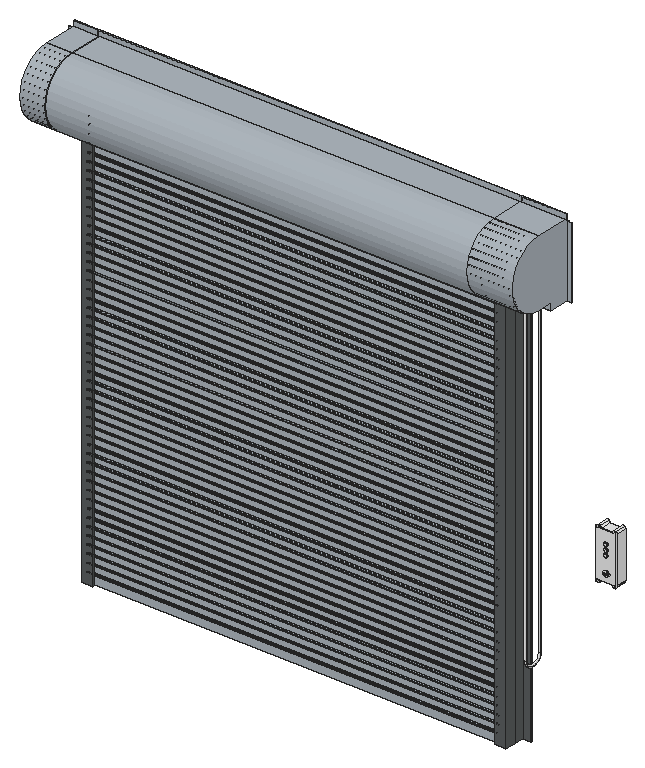
Revit family "Doors_Industrial_Wayne-Dalton_High-Cycle-Rolling-Service-Doors-Model-800C-HC_", category Specialty Equipment, host Wall, Revit 2019
Family settings
  Host = Wall
  Round Connector Dimension = Use Diameter
  Part Type = Normal
  OmniClass Number = 23.30.10.21.34
  OmniClass Title = Industrial Doors
  Always vertical = Yes
  Cut with Voids When Loaded = Yes
  Shared = No
  Room Calculation Point = No
Parameters (values of type "208 volts, one phase, 60 Hz (208-240V range)")
  X Motor [instance] = if(or(Opening Height < 72", Opening Height = 72"), 18 1/2", if(or(Opening Height < 108", Opening Height = 108"), 20", 22"))  # 22"
  X ChainH [instance] = if(or(Opening Height < 72", Opening Height = 72"), 18 1/2", if(or(Opening Height < 108", Opening Height = 108"), 20", 22"))  # 22"
  Warning Sign [instance] = if(Calculated Area > 683.00 SF, 1 = 1, 1 = 2)  # no
  Warning (Note) [instance] = if(Warning Sign, "The Door Area is out of the limit; please adjust accordingly. The maximum allowed area is 683 sq. ft.", if(Opening Height > 168", "Headroom Clearance Dimensions - out of the limits. Consult Factory", " "))  # " "
  Wall Thickness [instance] = 6"
  Voltage = 208 V
  True Opening Width [instance] = Clear Width  # 120"
  True Opening Height [instance] = Clear Height  # 120"
  Slat Type [instance] = "№34"  # constant formula
  Slat Option [instance] = 2  # constant formula
  Slat Length [instance] = Clear Width + G Value * 2 - 1" / 2 * 2  # 126"
  Slat Height [instance] = if(Slat < 2, 13 205/256", 12 1/4")  # 12 1/4"
  Slat [instance] = if(Slat Option < 2, 1, if(Slat Option = 2, 2, if(Slat Option = 3, 3, 4)))  # 2
  Side Room Right [instance] = 18"  # constant formula
  Side Room Left [instance] = 12"  # constant formula
  Product Page URL = "https://www.wayne-dalton.com/rolling-service-door-800-800c-hc"
  Power Factor = 1
  Powder Coat (Note) = "Wayne Dalton also offers approximately 200 RAL powder coat options to complement the exterior colors of a building."  # constant formula
  Operator Visibility = yes
  Opening Width Real [instance] = if(Opening Width > Max Opening Width, Max Opening Width, if(Opening Width < Min Opening Width, Min Opening Width, Opening Width))  # 120"
  Opening Width [instance] = 120"
  Opening Height Real [instance] = if(Opening Height > Max Opening Height, Max Opening Height, if(Opening Height < Min Opening Height, Min Opening Height, Opening Height))  # 120"
  Opening Height [instance] = 120"
  One Array element [instance] = not(Array Vis)  # no
  Number of Poles = 1
  Min Opening Width [instance] = 18"  # constant formula
  Min Opening Height [instance] = 24"  # constant formula
  Max Opening Width [instance] = 240"  # constant formula
  Max Opening Height [instance] = 240"  # constant formula
  Material Finish [instance] = 800C HC : Standard - Gray
  M Value [instance] = if(or(Opening Width < 108", Opening Width = 108"), 5 3/4", if(or(Opening Width < 180", Opening Width = 180"), 6 1/4", if(or(Opening Width < 240", Opening Width = 240"), 7 1/4", 9 1/4")))  # 6 1/4"
  Jambs Offset L [instance] = 0"  # constant formula
  Jambs Offset R [instance] = 0"  # constant formula
  Installation Real [instance] = Wall Thickness  # 6"
  Hood Type [instance] = "Round Hood"  # constant formula
  Hood Offset [instance] = 2"  # constant formula
  Hood Material [instance] = Metal - Wayne Dalton - Gray
  Hood Height [instance] = if(Chain Hoist or Manual, Y ChainH - 2", Y Motor - 2")  # 20"
  Y Motor [instance] = if(or(Opening Height < 72", Opening Height = 72"), 18 1/2", if(or(Opening Height < 108", Opening Height = 108"), 20", 22"))  # 22"
  Y ChainH [instance] = if(or(Opening Height < 72", Opening Height = 72"), 18 1/2", if(or(Opening Height < 108", Opening Height = 108"), 20", 22"))  # 22"
  Headroom Height Lift [instance] = Y Motor + Hood Offset  # 24"
  Headroom Height [instance] = Headroom Height Lift + 1 1/2"  # 25 1/2"
  Guide Type [instance] = "Angled Z Guide"  # constant formula
  Guide Option [instance] = 2  # constant formula
  Guid Depth [instance] = D Value  # 6 1/4"
  G Value [instance] = if(or(Opening Width < 108", Opening Width = 108"), 3", if(or(Opening Width < 180", Opening Width = 180"), 3 1/2", if(or(Opening Width < 240", Opening Width = 240"), 4", 5 9/16")))  # 3 1/2"
  Frequency = 60 Hz
  Face Of Wall Mounting [instance] = not(Between Jambs Mounting)  # yes
  Door Width True [instance] = Clear Width + M Value * 2  # 132 1/2"
  Door Width (Real) [instance] = Clear Width + 1" / 2  # 120 1/2"
  Door Height True [instance] = Clear Width + Headroom Height  # 145 1/2"
  Door Height (Real) [instance] = Clear Height + Hood Offset  # 122"
  URL = "https://www.wayne-dalton.com/"
  Product data url = "https://www.bimobject.com/wayne-dalton/product/rolling-service-door-800c-hc"
  Product Guid = "79b3c3f3-b913-4416-b485-f86e6874781c"
  Model = "800C HC"  # constant formula
  Manufacturer = "Wayne Dalton"  # constant formula
  Wall Closure = By host
  Floor To (CL) of Shaft [instance] = Clear Height + Hood Offset + 2" + Hood Height / 2  # 134"
  Finish Material = Finish - Wayne Dalton - Black
  Description = "Model 800C HC High Cycle Rolling Service Door R-Value 7.71, U-Factor 0.13, STC 22"  # constant formula
  D Value Clearance [instance] = D Value  # 6 1/4"
  D Value [instance] = if(or(Opening Width < 108", Opening Width = 108"), 5 11/16", if(or(Opening Width < 180", Opening Width = 180"), 6 1/4", if(or(Opening Width < 240", Opening Width = 240"), 6 3/16", 7 1/16")))  # 6 1/4"
  Clearance [instance] = no
  Clear Width [instance] = Opening Width Real  # 120"
  Clear Height [instance] = Opening Height Real  # 120"
  Chain Hoist or Manual = no
  Current = 20 A
  Between Jambs Mounting [instance] = 1 = 2  # no
  Bar [instance] = if(Face Of Wall Mounting, 1 = 1, 1 = 2)  # yes
  Backroom Depth [instance] = X Motor - 1 1/2"  # 20 1/2"
  Array Vis [instance] = if(Array < 2, 1 = 2, 1 = 1)  # yes
  Array Real [instance] = if(Array < 2, 2, Array)  # 10
  Array Length [instance] = (Array) * Slat Height  # 122 1/2"
  Array [instance] = rounddown(([Door Height (Real)] - 3") / Slat Height) + 1  # 10
  Calculated Area [instance] = [Door Width (Real)] * [Door Height (Real)]  # 102.09 SF
  Apparent Load Phase 3 = if(Number of Poles = 1, 0 VA, (Voltage * Current * sqrt(3)) / 3)  # 0 VA
  Apparent Load Phase 2 = if(Number of Poles = 1, 0 VA, (Voltage * Current * sqrt(3)) / 3)  # 0 VA
  Apparent Load Phase 1 = if(Number of Poles = 1, Voltage * Current, (Voltage * Current * sqrt(3)) / 3)  # 4160 VA
Reference planes (in)
  plane 1 "Center (Front/Back)": y = -14.75
  plane 2 "Center (Left/Right)": x = 0
  plane 3 "Left": x = -60
  plane 4 "Right": x = 60
  plane 5 "Exterior": y = -8.75
  plane 6 "Interior": y = -14.75
  plane 7: z = 120
  plane 8 "Main": y = -20.35937
  plane 9 "Backroom Depth": y = -35.25
  plane 10 "Main Door Block": y = -14.75
  plane 11 "Bottom Bar": z = 2.75
  plane 12: y = -21
  plane 13: z = 125.25
  plane 14: z = 144
  plane 15: z = 122
  plane 16: z = 145.5
  plane 17: z = 0
  plane 18: z = 60
  plane 19: y = -20.09375
  plane 20 "Double Main": y = -19.781
  plane 21 "Headroom Top": z = 145.5
  plane 22: z = 134
  plane 23: x = 63.5
  plane 24: x = -63.5
  plane 25: z = 113
  plane 26: z = 124
  plane 27: x = 62.75
  plane 28: z = 2.75
  plane 29: y = -20.09375
  plane 30: z = 113
  plane 31: y = -20.09375
  plane 32: z = 15
  plane 33: y = -20.09375
  plane 34: z = 27.25
  plane 35: y = -20.09375
  plane 36: z = 39.5
  plane 37: y = -20.09375
  plane 38: z = 51.75
  plane 39: y = -20.09375
  plane 40: z = 64
  plane 41: y = -20.09375
  plane 42: z = 76.25
  plane 43: y = -20.09375
  plane 44: z = 88.5
  plane 45: y = -20.09375
  plane 46: z = 100.75
  plane 47: y = -20.09375
Forms (in)
  Extrusion 1, void
    sketch origin (0, -14.75, 0) x (0, 0, -1) y (-1, 0, 0)
      loop
        line (-120, 60) -> (-120, -60) -> (0, -60) -> (0, 60) -> (-120, 60)
    from 0 to 6
  Extrusion 2, solid, material "Metal - Wayne Dalton - Gray" <- "Hood Material", visible <- "Bar"
    sketch origin (0, 0, 0) x (0, 1, 0) y (0, 0, 1)
      loop
        line (-15, 144) -> (-14.75, 144) -> (-14.75, 145.5) -> (-15, 145.5) -> (-15, 144)
    from -63.25 to 63.25
  Extrusion 3, solid, material "Clearance - Wayne Dalton - Red", visible <- "Clearance"
    sketch origin (0, 0, 0) x (1, 0, 0) y (0, 1, 0)
      loop
        line (78.25, -14.75) -> (60.25, -14.75) -> (60.25, -21) -> (78.25, -21) -> (78.25, -14.75)
      loop
        line (-60.25, -14.75) -> (-72.25, -14.75) -> (-72.25, -21) -> (-60.25, -21) -> (-60.25, -14.75)
    from 0 to 122
Lines and regions (in)
  symbolic lines, visible <- "Bar"
    curve 1: line (63.25, -14.75, 0) -> (-63.25, -14.75, 0)
    curve 2: line (-63.25, -15, 0) -> (63.25, -15, 0)
Text (in)
  text "Exterior" at (-74.96733, 27.31104, 0), in view "Ref. Level"
  text "Interior" at (-74.96733, -25.14366, 0), in view "Ref. Level"
  text "Exterior" at (0, 40.15149, 123.01588), in view "Right"
  text "Interior" at (0, -64.39139, 123.01588), in view "Right"
  text "Interior" at (0, -31.01599, 123.00693), in view "Left"
  text "Exterior" at (0, 54.57065, 123.00693), in view "Left"
Dimensions and locks (in)
  equal spacing: plane 3 "Left", plane 2 "Center (Left/Right)", plane 4 "Right"
  "Clear Width": plane 3 "Left" to plane 4 "Right"
  level to host wall = 459.59655"
  "Clear Height": level to plane 7
  locked: plane 11 "Bottom Bar" to level at 2.75
  locked: plane 12 to plane 8 "Main" at 0.64063
  "Array Length": plane 13 to plane 11 "Bottom Bar"
  "Backroom Depth": plane 9 "Backroom Depth" to plane 10 "Main Door Block"
  locked: plane 16 to plane 14 at 1.5
  locked: Extrusion 2 sketch curve to Extrusion 2 sketch curve at 0.25
  "Installation Real": plane 1 "Center (Front/Back)" to plane 5 "Exterior"
  "Wall Thickness": host wall to host wall
  equal spacing: plane 7, plane 18, plane 17
  locked: plane 8 "Main" to plane 19 at 0.26563
  locked: plane 8 "Main" to plane 20 "Double Main" at 0.57837
  locked: Extrusion 1 sketch curve to plane 7
  locked: Extrusion 2 sketch curve to Extrusion 2 sketch curve at 1.5
  "Hood Offset": plane 15 to plane 7
  "Headroom Height": plane 21 "Headroom Top" to plane 7
  "Floor To (CL) of Shaft": plane 22 to level
  "Jambs Offset R": plane 4 "Right" to Extrusion 1 sketch curve
  "Jambs Offset L": Extrusion 1 sketch curve to plane 3 "Left"
  "G Value": plane 23 to plane 4 "Right"
  "G Value": plane 3 "Left" to plane 24
  "Guid Depth": plane 12 to plane 1 "Center (Front/Back)"
  "Slat Height": plane 13 to plane 25
  equal spacing: group 1, group 3, group 4, group 5, group 6, group 7, group 8, group 9, group 10, group 2  (x3)
  locked: plane 23 to Extrusion 2 at 0.25
  locked: plane 24 to Extrusion 2 at 0.25
  locked: plane 26 to plane 15 at 2
  "Hood Height": plane 14 to plane 26
  locked: plane 4 "Right" to plane 27 at 2.75
  "D Value Clearance": Extrusion 3 sketch curve to Extrusion 3 sketch curve
  locked: Extrusion 3 sketch curve to plane 3 "Left" at 0.25
  "Side Room Left": Extrusion 3 sketch curve to Extrusion 3 sketch curve
  locked: plane 4 "Right" to Extrusion 3 sketch curve at 0.25
  "Side Room Right": Extrusion 3 sketch curve to Extrusion 3 sketch curve
  aligned and locked: plane 5 "Exterior" to host wall
  aligned and locked: host wall to plane 6 "Interior"
  aligned and locked: level to Extrusion 1 sketch curve
  aligned and locked: Extrusion 1 to plane 5 "Exterior"
  aligned and locked: plane 6 "Interior" to Extrusion 1
  aligned and locked: Extrusion 2 sketch curve to plane 16
  aligned and locked: Extrusion 2 sketch curve to plane 6 "Interior"
  aligned and locked: curve 1 to Extrusion 2  (x2)
  aligned and locked: curve 2 to Extrusion 2  (x2)
  aligned and locked: Extrusion 2 to curve 2
  aligned and locked: level to plane 17
  aligned and locked: plane 2 "Center (Left/Right)" to nested 1
  aligned and locked: nested 2 to plane 2 "Center (Left/Right)"
  aligned and locked: nested 3 to plane 18
  aligned and locked: plane 2 "Center (Left/Right)" to nested 3
  aligned and locked: plane 11 "Bottom Bar" to nested 5
  aligned and locked: plane 19 to nested 5
  aligned and locked: nested 3 to plane 19
  aligned and locked: plane 17 to nested 12
  aligned and locked: nested 12 to plane 2 "Center (Left/Right)"
  aligned and locked: nested 12 to plane 1 "Center (Front/Back)"
  aligned and locked: Extrusion 3 sketch curve to plane 1 "Center (Front/Back)"
  aligned and locked: plane 1 "Center (Front/Back)" to Extrusion 3 sketch curve
  aligned and locked: Extrusion 3 sketch curve to Extrusion 3 sketch curve
  aligned and locked: Extrusion 3 to level
  aligned and locked: plane 15 to Extrusion 3
  aligned and locked: plane 11 "Bottom Bar" to plane 28
  aligned and locked: plane 19 to plane 29
  aligned and locked: plane 25 to plane 30
  aligned and locked: plane 31 to plane 19
  aligned and locked: plane 10 "Main Door Block" to plane 1 "Center (Front/Back)"
Automatic sketch dimensions
  plane 23 to curve 1 = 1/4"
Nested families (in)
  nested 1: "Label Annotation 1" at (0, 18.375, 0), visible <- "Warning Sign", type "Label Annotation 1"
  nested 2: "Label Annotation 1" at (0, -43.625, 0) x (-1, 0, 0) z (0, 0, 1), visible <- "Warning Sign", type "Label Annotation 1"
  nested 3: "Warning Sign" at (0, -20.09375, 60), visible <- "Warning Sign", type "Warning Sign"
    with Warning Sign no
  nested 4: "800C HC" at (0, -20.09375, 2.75), Slat Option <- "Slat Option", Opening Width <- "Slat Length", type <- "Material Finish", visible <- "Array Vis", type "Standard - Gray"
    with Void Offset 1", Void Height 3/4", Slat Width 3/4", Slat Position + Offset 13.146", Slat Position 12 1/4", Slat Option 2, Secure-Vent no, Profile #14 yes, Perforation no, Opening Width 126", Integrated Cutout no, Fenestration no, Cutout Width Offset 1", Cutout Vertical Offset 0.896", #4 no, # 14 yes
  nested 5: "800C HC" at (0, -20.09375, 2.75), visible <- "One Array element", Slat Option <- "Slat Option", Opening Width <- "Slat Length", type <- "Material Finish", type "Standard - Gray"
    with Void Offset 1", Void Height 3/4", Slat Width 3/4", Slat Position + Offset 13.146", Slat Position 12 1/4", Slat Option 2, Secure-Vent no, Profile #14 yes, Perforation no, Opening Width 126", Integrated Cutout no, Fenestration no, Cutout Width Offset 1", Cutout Vertical Offset 0.896", #4 no, # 14 yes
  nested 6: "800C HC" at (0, -20.09375, 113), Slat Option <- "Slat Option", Opening Width <- "Slat Length", type <- "Material Finish", visible <- "Array Vis", type "Standard - Gray"
    with Void Offset 1", Void Height 3/4", Slat Width 3/4", Slat Position + Offset 13.146", Slat Position 12 1/4", Slat Option 2, Secure-Vent no, Profile #14 yes, Perforation no, Opening Width 126", Integrated Cutout no, Fenestration no, Cutout Width Offset 1", Cutout Vertical Offset 0.896", #4 no, # 14 yes
  nested 7: "800C HC" at (0, -20.09375, 15), Slat Option <- "Slat Option", Opening Width <- "Slat Length", type <- "Material Finish", visible <- "Array Vis", type "Standard - Gray"
    with Void Offset 1", Void Height 3/4", Slat Width 3/4", Slat Position + Offset 13.146", Slat Position 12 1/4", Slat Option 2, Secure-Vent no, Profile #14 yes, Perforation no, Opening Width 126", Integrated Cutout no, Fenestration no, Cutout Width Offset 1", Cutout Vertical Offset 0.896", #4 no, # 14 yes
  nested 8: "800C HC" at (0, -20.09375, 27.25), Slat Option <- "Slat Option", Opening Width <- "Slat Length", type <- "Material Finish", visible <- "Array Vis", type "Standard - Gray"
    with Void Offset 1", Void Height 3/4", Slat Width 3/4", Slat Position + Offset 13.146", Slat Position 12 1/4", Slat Option 2, Secure-Vent no, Profile #14 yes, Perforation no, Opening Width 126", Integrated Cutout no, Fenestration no, Cutout Width Offset 1", Cutout Vertical Offset 0.896", #4 no, # 14 yes
  nested 9: "800C HC" at (0, -20.09375, 39.5), Slat Option <- "Slat Option", Opening Width <- "Slat Length", type <- "Material Finish", visible <- "Array Vis", type "Standard - Gray"
    with Void Offset 1", Void Height 3/4", Slat Width 3/4", Slat Position + Offset 13.146", Slat Position 12 1/4", Slat Option 2, Secure-Vent no, Profile #14 yes, Perforation no, Opening Width 126", Integrated Cutout no, Fenestration no, Cutout Width Offset 1", Cutout Vertical Offset 0.896", #4 no, # 14 yes
  nested 10: "800C HC" at (0, -20.09375, 51.75), Slat Option <- "Slat Option", Opening Width <- "Slat Length", type <- "Material Finish", visible <- "Array Vis", type "Standard - Gray"
    with Void Offset 1", Void Height 3/4", Slat Width 3/4", Slat Position + Offset 13.146", Slat Position 12 1/4", Slat Option 2, Secure-Vent no, Profile #14 yes, Perforation no, Opening Width 126", Integrated Cutout no, Fenestration no, Cutout Width Offset 1", Cutout Vertical Offset 0.896", #4 no, # 14 yes
  nested 11: "800C HC" at (0, -20.09375, 64), Slat Option <- "Slat Option", Opening Width <- "Slat Length", type <- "Material Finish", visible <- "Array Vis", type "Standard - Gray"
    with Void Offset 1", Void Height 3/4", Slat Width 3/4", Slat Position + Offset 13.146", Slat Position 12 1/4", Slat Option 2, Secure-Vent no, Profile #14 yes, Perforation no, Opening Width 126", Integrated Cutout no, Fenestration no, Cutout Width Offset 1", Cutout Vertical Offset 0.896", #4 no, # 14 yes
  nested 12: "Lifts" at (0, -14.75, 0) x (-1, 0, 0) z (0, 0, 1), type "Frame Unit"
    with Round Hood yes, Right Motor Position yes, No Hood no, M Value 6 1/4", Guide Z Wide R 2 3/4", Guide Z Wide L 2 3/4", Guide Offset R 3 1/2", Guide Offset L 3 1/2", G Value 3 1/2", Shaft Length 2 7 1/2", Shaft Length 1 7 1/2", D Value 6 1/4"
  nested 13: "800C HC" at (0, -20.09375, 76.25), Slat Option <- "Slat Option", Opening Width <- "Slat Length", type <- "Material Finish", visible <- "Array Vis", type "Standard - Gray"
    with Void Offset 1", Void Height 3/4", Slat Width 3/4", Slat Position + Offset 13.146", Slat Position 12 1/4", Slat Option 2, Secure-Vent no, Profile #14 yes, Perforation no, Opening Width 126", Integrated Cutout no, Fenestration no, Cutout Width Offset 1", Cutout Vertical Offset 0.896", #4 no, # 14 yes
  nested 14: "800C HC" at (0, -20.09375, 88.5), Slat Option <- "Slat Option", Opening Width <- "Slat Length", type <- "Material Finish", visible <- "Array Vis", type "Standard - Gray"
    with Void Offset 1", Void Height 3/4", Slat Width 3/4", Slat Position + Offset 13.146", Slat Position 12 1/4", Slat Option 2, Secure-Vent no, Profile #14 yes, Perforation no, Opening Width 126", Integrated Cutout no, Fenestration no, Cutout Width Offset 1", Cutout Vertical Offset 0.896", #4 no, # 14 yes
  nested 15: "800C HC" at (0, -20.09375, 100.75), Slat Option <- "Slat Option", Opening Width <- "Slat Length", type <- "Material Finish", visible <- "Array Vis", type "Standard - Gray"
    with Void Offset 1", Void Height 3/4", Slat Width 3/4", Slat Position + Offset 13.146", Slat Position 12 1/4", Slat Option 2, Secure-Vent no, Profile #14 yes, Perforation no, Opening Width 126", Integrated Cutout no, Fenestration no, Cutout Width Offset 1", Cutout Vertical Offset 0.896", #4 no, # 14 yes
Connectors (in)
  electrical at (91.25, -18.29, 59.99089), driven by "Power Factor", driven by "Apparent Load Phase 1", driven by "Apparent Load Phase 2", driven by "Apparent Load Phase 3", driven by "Voltage", driven by "Number of Poles"
    settings: on nested 12, index 1, voltage 208 V, apparent load 0 VA, apparent load phase1 4160 VA, apparent load phase2 0 VA, apparent load phase3 0 VA, power factor 1, load classification "Other", number of poles 1, system type 31, power factor state 1, is connector primary yes, connector utility no, sub classification motor no, connector description "Electrical Connector"
Definition of nested family "800C HC"
  Parameters (values of type "Standard - Biege")
    Void Offset [instance] = if(Integrated Cutout, 0", 1")  # 1"
    Void Height [instance] = if([Secure-Vent], 2.2", 3/4")  # 3/4"
    Standard = yes
    Slat Width [instance] = if(Slat Option < 2, 7/8", 3/4")  # 7/8"
    Slat Position + Offset [instance] = Slat Position + Cutout Vertical Offset  # 14.696"
    Slat Position [instance] = if(Slat Option < 2, 2.76" * 5, 2.45" * 5)  # 13.8"
    Slat Option [instance] = 1
    Secure-Vent [instance] = if(Slat Option > 2, 1 = 1, 1 = 2)  # no
    Rough Height = 0"
    Profile #14 [instance] = or(# 14, [Secure-Vent])  # no
    Perforation [instance] = [Secure-Vent]  # no
    Fenestration Large = no
    Fenestration [instance] = if(and(Integrated Cutout, not(Perforation)), 1 = 1, 1 = 2)  # no
    Cutout Width Offset [instance] = 1"  # constant formula
    Cutout Material Perforation = none
    Cutout Material = none
    Panel Material = none
    Opening Width [instance] = 123 5/8"
    Cutout Vertical Offset [instance] = 0.896"  # constant formula
    Default Elevation = 48"
    Integrated Cutout [instance] = if(and(Fenestration Large, Slat Option = 2), 1 = 1, if(and(Perforation, Slat Option > 2), 1 = 1, 1 = 2))  # no
    Analytic Construction = "<None>"
    #4 [instance] = if(Slat Option < 2, 1 = 1, 1 = 2)  # yes
    # 14 [instance] = if(Slat Option = 2, 1 = 1, 1 = 2)  # no
  Types (8): name | Standard | Fenestration Large
    Standard - White | yes | no
    Standard - Brown | yes | no
    Standard - Gray | yes | no
    Vision lites 0.75”x5” - Gray | no | yes
    Vision lites 0.75”x5” - Beige | no | yes
    Vision lites 0.75”x5” - White | no | yes
    Vision lites 0.75”x5” - Brown | no | yes
    Standard - Biege | yes | no
  Reference planes (in)
    plane 1 "Center (Front/Back)": y = 0
    plane 2: z = 0
    plane 3 "Center (Left/Right)": x = 0
    plane 4: x = -61.8125
    plane 5: x = 61.8125
    plane 6: y = 0.875
    plane 7: y = 0
    plane 8: y = 0.4375
    plane 9: y = 0.845
    plane 10: x = -60.8125
    plane 11: x = 60.8125
  Forms (in)
    Extrusion 1, solid, material <- "Panel Material", visible <- "Profile #14"
      sketch origin (0, -4.98186, 13.12534) x (0, 1, 0) y (0, 0, 1)
        loop
          arc (5.73186, -8.66795) -> (5.71046, -8.61155) -> (5.65703, -8.58356) r 0.085
          line (5.65703, -8.58356) -> (5.18016, -8.52611) -> (5.64686, -8.52611)
          arc (5.64686, -8.52611) -> (5.70696, -8.50122) -> (5.73186, -8.44111) r 0.085
          line (5.73186, -8.44111) -> (5.73186, -6.21795)
          arc (5.73186, -6.21795) -> (5.71046, -6.16155) -> (5.65703, -6.13356) r 0.085
          line (5.65703, -6.13356) -> (5.18016, -6.07611) -> (5.64686, -6.07611)
          arc (5.64686, -6.07611) -> (5.70696, -6.05122) -> (5.73186, -5.99111) r 0.085
          line (5.73186, -5.99111) -> (5.73186, -3.76795)
          arc (5.73186, -3.76795) -> (5.71046, -3.71155) -> (5.65703, -3.68356) r 0.085
          line (5.65703, -3.68356) -> (5.18016, -3.62611) -> (5.64686, -3.62611)
          arc (5.64686, -3.62611) -> (5.70696, -3.60122) -> (5.73186, -3.54111) r 0.085
          line (5.73186, -3.54111) -> (5.73186, -1.31795)
          arc (5.73186, -1.31795) -> (5.71046, -1.26155) -> (5.65703, -1.23356) r 0.085
          line (5.65703, -1.23356) -> (5.06387, -1.16211)
          arc (5.06387, -1.16211) -> (5.04815, -1.15387) -> (5.04186, -1.13729) r 0.025
          line (5.04186, -1.13729) -> (5.04186, -1.02403)
          arc (5.04186, -1.02403) -> (5.39304, -0.79238) -> (4.98186, -0.88137) r 0.214
          line (4.98186, -0.88137) -> (4.98186, -1.13729)
          arc (4.98186, -1.13729) -> (5.00326, -1.19368) -> (5.05669, -1.22168) r 0.085
          line (5.05669, -1.22168) -> (5.64985, -1.29313)
          arc (5.64985, -1.29313) -> (5.66556, -1.30136) -> (5.67186, -1.31795) r 0.025
          line (5.67186, -1.31795) -> (5.67186, -3.54111)
          arc (5.67186, -3.54111) -> (5.66454, -3.55879) -> (5.64686, -3.56611) r 0.025
          line (5.64686, -3.56611) -> (5.04186, -3.56611) -> (5.04186, -3.47403)
          arc (5.04186, -3.47403) -> (5.39304, -3.24238) -> (4.98186, -3.33137) r 0.214
          line (4.98186, -3.33137) -> (4.98186, -3.58729)
          arc (4.98186, -3.58729) -> (5.00326, -3.64368) -> (5.05669, -3.67168) r 0.085
          line (5.05669, -3.67168) -> (5.64985, -3.74313)
          arc (5.64985, -3.74313) -> (5.66556, -3.75136) -> (5.67186, -3.76795) r 0.025
          line (5.67186, -3.76795) -> (5.67186, -5.99111)
          arc (5.67186, -5.99111) -> (5.66454, -6.00879) -> (5.64686, -6.01611) r 0.025
          line (5.64686, -6.01611) -> (5.04186, -6.01611) -> (5.04186, -5.92403)
          arc (5.04186, -5.92403) -> (5.39304, -5.69238) -> (4.98186, -5.78137) r 0.214
          line (4.98186, -5.78137) -> (4.98186, -6.03729)
          arc (4.98186, -6.03729) -> (5.00326, -6.09368) -> (5.05669, -6.12168) r 0.085
          line (5.05669, -6.12168) -> (5.64985, -6.19313)
          arc (5.64985, -6.19313) -> (5.66556, -6.20136) -> (5.67186, -6.21795) r 0.025
          line (5.67186, -6.21795) -> (5.67186, -8.44111)
          arc (5.67186, -8.44111) -> (5.66454, -8.45879) -> (5.64686, -8.46611) r 0.025
          line (5.64686, -8.46611) -> (5.04186, -8.46611) -> (5.04186, -8.37403)
          arc (5.04186, -8.37403) -> (5.39304, -8.14238) -> (4.98186, -8.23137) r 0.214
          line (4.98186, -8.23137) -> (4.98186, -8.48729)
          arc (4.98186, -8.48729) -> (5.00326, -8.54368) -> (5.05669, -8.57168) r 0.085
          line (5.05669, -8.57168) -> (5.64985, -8.64313)
          arc (5.64985, -8.64313) -> (5.66556, -8.65136) -> (5.67186, -8.66795) r 0.025
          line (5.67186, -8.66795) -> (5.67186, -10.89111)
          arc (5.67186, -10.89111) -> (5.66454, -10.90879) -> (5.64686, -10.91611) r 0.025
          line (5.64686, -10.91611) -> (5.04186, -10.91611) -> (5.04186, -10.82403)
          arc (5.04186, -10.82403) -> (5.39304, -10.59238) -> (4.98186, -10.68137) r 0.214
          line (4.98186, -10.68137) -> (4.98186, -10.93729)
          arc (4.98186, -10.93729) -> (5.00326, -10.99368) -> (5.05669, -11.02168) r 0.085
          line (5.05669, -11.02168) -> (5.64985, -11.09313)
          arc (5.64985, -11.09313) -> (5.66556, -11.10136) -> (5.67186, -11.11795) r 0.025
          line (5.67186, -11.11795) -> (5.67186, -13.34111)
          arc (5.67186, -13.34111) -> (5.66454, -13.35879) -> (5.64686, -13.36611) r 0.025
          line (5.64686, -13.36611) -> (5.04186, -13.36611) -> (5.04186, -13.2739)
          arc (5.04186, -13.2739) -> (5.39412, -13.04524) -> (4.98186, -13.12534) r 0.21392
          line (4.98186, -13.12534) -> (4.98186, -13.34111)
          arc (4.98186, -13.34111) -> (5.00676, -13.40122) -> (5.06686, -13.42611) r 0.085
          line (5.06686, -13.42611) -> (5.64686, -13.42611)
          arc (5.64686, -13.42611) -> (5.70696, -13.40122) -> (5.73186, -13.34111) r 0.085
          line (5.73186, -13.34111) -> (5.73186, -11.11795)
          arc (5.73186, -11.11795) -> (5.71046, -11.06155) -> (5.65703, -11.03356) r 0.085
          line (5.65703, -11.03356) -> (5.18016, -10.97611) -> (5.64686, -10.97611)
          arc (5.64686, -10.97611) -> (5.70696, -10.95122) -> (5.73186, -10.89111) r 0.085
          line (5.73186, -10.89111) -> (5.73186, -8.66795)
      from -61.8125 to 61.8125
    Extrusion 2, void
      sketch origin (0, 0, 0) x (0, 1, 0) y (0, 0, 1)
        loop
          line (1.815, 1.271) -> (1.815, 0.521) -> (1.875, 0.521) -> (1.875, 1.271) -> (1.815, 1.271)
        loop
          line (1.815, 4.031) -> (1.815, 3.281) -> (1.875, 3.281) -> (1.875, 4.031) -> (1.815, 4.031)
        loop
          line (1.815, 6.791) -> (1.815, 6.041) -> (1.875, 6.041) -> (1.875, 6.791) -> (1.815, 6.791)
        loop
          line (1.815, 9.551) -> (1.815, 8.801) -> (1.875, 8.801) -> (1.875, 9.551) -> (1.815, 9.551)
        loop
          line (1.815, 12.311) -> (1.815, 11.561) -> (1.875, 11.561) -> (1.875, 12.311) -> (1.815, 12.311)
      from -60.8125 to 60.8125
  Cuts and joins
    Extrusion 2 cuts Extrusion 1
  Lines and regions (in)
    reference lines
      curve 1: line (0, -4.98186, 12.78) -> (0, 10.3327, 12.78)
      curve 2: line (0, -2.86663, 14.696) -> (0, 7.97837, 14.696)
      curve 3: line (0, -2.86663, 11.936) -> (0, 7.97837, 11.936)
      curve 4: line (0, -2.86663, 9.176) -> (0, 7.97837, 9.176)
      curve 5: line (0, -2.86663, 6.416) -> (0, 7.97837, 6.416)
      curve 6: line (0, -2.86663, 0.896) -> (0, 7.97837, 0.896)
      curve 7: line (0, -2.86663, 3.656) -> (0, 7.97837, 3.656)
  Dimensions and locks (in)
    equal spacing: plane 4, plane 3 "Center (Left/Right)", plane 5
    "Opening Width": plane 4 to plane 5
    "Slat Width": plane 1 "Center (Front/Back)" to plane 6
    equal spacing: plane 1 "Center (Front/Back)", plane 8, plane 6
    locked: plane 9 to plane 6 at 0.03
    "Cutout Width Offset": plane 4 to plane 10
    "Cutout Width Offset": plane 5 to plane 11
    "Void Height": Extrusion 2 sketch curve to Extrusion 2 sketch curve  (x5)
    locked: Extrusion 2 sketch curve to Extrusion 2 sketch curve at 0.06  (x5)
    "Void Offset": plane 6 to Extrusion 2 sketch curve
    locked: curve 1 to level at 12.78
    "Slat Position": curve 6 to curve 2
    equal spacing: Extrusion 2 sketch curve, curve 3, Extrusion 2 sketch curve
    equal spacing: Extrusion 2 sketch curve, curve 4, Extrusion 2 sketch curve
    equal spacing: Extrusion 2 sketch curve, curve 6, Extrusion 2 sketch curve
    equal spacing: Extrusion 2 sketch curve, curve 5, Extrusion 2 sketch curve
    equal spacing: curve 6, curve 7, curve 5, curve 4, curve 3, curve 2
    equal spacing: Extrusion 2 sketch curve, curve 7, Extrusion 2 sketch curve
    "Cutout Vertical Offset": curve 6 to plane 2
    aligned and locked: plane 2 to level
    aligned and locked: plane 1 "Center (Front/Back)" to plane 7
    aligned and locked: plane 5 to Extrusion 1
    aligned and locked: plane 4 to Extrusion 1
    aligned and locked: plane 9 to nested 1
    aligned and locked: plane 3 "Center (Left/Right)" to nested 1
    aligned and locked: Extrusion 2 sketch curve to Extrusion 2 sketch curve  (x4)
    aligned and locked: plane 10 to Extrusion 2
    aligned and locked: plane 11 to Extrusion 2
    aligned and locked: plane 3 "Center (Left/Right)" to nested 2
    aligned and locked: plane 3 "Center (Left/Right)" to nested 3
    aligned and locked: plane 3 "Center (Left/Right)" to nested 4
    aligned and locked: plane 3 "Center (Left/Right)" to nested 5
    aligned and locked: plane 9 to nested 2
    aligned and locked: plane 9 to nested 3
    aligned and locked: plane 9 to nested 4
    aligned and locked: plane 9 to nested 5
    aligned and locked: plane 9 to nested 10
    aligned and locked: plane 9 to nested 9
    aligned and locked: plane 9 to nested 8
    aligned and locked: plane 9 to nested 7
    aligned and locked: plane 9 to nested 6
  Automatic sketch dimensions
    plane 1 "Center (Front/Back)" to curve 1 = 4.98186"
    plane 1 "Center (Front/Back)" to curve 7 = 2.86663"
    curve 1 to curve 2 = 2.11523"
    curve 5 to curve 7 = 0"
    curve 3 to curve 2 = 0"  (x2)
    curve 6 to curve 7 = 0"
    curve 4 to curve 3 = 0"
    curve 2 to plane 6 = 7.10337"
    curve 5 to plane 6 = 7.10337"
    curve 4 to curve 5 = 0"
    curve 6 to curve 5 = 0"
    curve 7 to curve 5 = 0"
    curve 2 to curve 1 = 2.35433"
    Extrusion 1 sketch curve to Extrusion 1 sketch curve = 0"  (x48)
    curve 1 to Extrusion 1 sketch curve = 4.98186"
    curve 1 to Extrusion 1 sketch curve = 0.53603"
    Extrusion 1 sketch curve to Extrusion 1 sketch curve = 0.06"  (x9)
    Extrusion 1 sketch curve to Extrusion 1 sketch curve = 0.07483"  (x4)
    curve 1 to Extrusion 1 sketch curve = 0.87633"
    Extrusion 1 sketch curve to Extrusion 1 sketch curve = 0.01483"
    curve 1 to Extrusion 1 sketch curve = 3.32633"
    Extrusion 1 sketch curve to Extrusion 1 sketch curve = 0.12347"  (x4)
    curve 1 to Extrusion 1 sketch curve = 3.28077"
    curve 1 to Extrusion 1 sketch curve = 0.81676"
    Extrusion 1 sketch curve to Extrusion 1 sketch curve = 0.1133"  (x4)
    Extrusion 1 sketch curve to Extrusion 1 sketch curve = 0.00299"  (x4)
    Extrusion 1 sketch curve to Extrusion 1 sketch curve = 0.025"
    Extrusion 1 sketch curve to Extrusion 1 sketch curve = 0.21392"  (x6)
    Extrusion 1 sketch curve to Extrusion 1 sketch curve = 0.15392"
    Extrusion 1 sketch curve to Extrusion 1 sketch curve = 0.45109"  (x3)
    Extrusion 1 sketch curve to Extrusion 1 sketch curve = 0.45108"
    Extrusion 1 sketch curve to Extrusion 1 sketch curve = 0.59017"  (x2)
    curve 1 to Extrusion 1 sketch curve = 0.94778"
    curve 1 to Extrusion 1 sketch curve = 3.39778"
    Extrusion 1 sketch curve to Extrusion 1 sketch curve = 0.01017"  (x3)
    curve 1 to Extrusion 1 sketch curve = 0.88821"
    curve 1 to Extrusion 1 sketch curve = 3.33821"
    Extrusion 1 sketch curve to Extrusion 1 sketch curve = 2.0074"  (x4)
    Extrusion 1 sketch curve to Extrusion 1 sketch curve = 0.00603"  (x3)
    Extrusion 1 sketch curve to Extrusion 1 sketch curve = 0.21577"  (x4)
    Extrusion 1 sketch curve to Extrusion 1 sketch curve = 0.09209"
    Extrusion 1 sketch curve to Extrusion 1 sketch curve = 0.14265"
    Extrusion 1 sketch curve to Extrusion 1 sketch curve = 0.11326"
  Nested families (in)
    nested 1: "Perforation" at (0, 0.845, 0.896), visible <- "Fenestration", Perforation <- "Cutout Material", type "Perforation"
    nested 2: "Perforation" at (0, 0.845, 3.656), visible <- "Fenestration", Perforation <- "Cutout Material", type "Perforation"
    nested 3: "Perforation" at (0, 0.845, 6.416), visible <- "Fenestration", Perforation <- "Cutout Material", type "Perforation"
    nested 4: "Perforation" at (0, 0.845, 9.176), visible <- "Fenestration", Perforation <- "Cutout Material", type "Perforation"
    nested 5: "Perforation" at (0, 0.845, 11.936), visible <- "Fenestration", Perforation <- "Cutout Material", type "Perforation"
    nested 6: "Perforation" at (0, 0.845, 11.936), visible <- "Perforation", Perforation <- "Cutout Material Perforation", type "Perforation"
      with Perforation none
    nested 7: "Perforation" at (0, 0.845, 9.176), visible <- "Perforation", Perforation <- "Cutout Material Perforation", type "Perforation"
      with Perforation none
    nested 8: "Perforation" at (0, 0.845, 6.416), visible <- "Perforation", Perforation <- "Cutout Material Perforation", type "Perforation"
      with Perforation none
    nested 9: "Perforation" at (0, 0.845, 3.656), visible <- "Perforation", Perforation <- "Cutout Material Perforation", type "Perforation"
      with Perforation none
    nested 10: "Perforation" at (0, 0.845, 0.896), visible <- "Perforation", Perforation <- "Cutout Material Perforation", type "Perforation"
      with Perforation none
  Definition of nested family "Perforation"
    Parameters (values of type "Perforation")
      Thickness = 0.06"
      Perforation [instance] = none
      Opening Width = 123 5/8"
      Offset = 1"
      Height = 3/4"
      Default Elevation = 48"
    Reference planes (in)
      plane 1 "Center (Front/Back)": y = 0
      plane 2: z = 0
      plane 3 "Center (Left/Right)": x = 0
      plane 4: z = 0.375
      plane 5: z = -0.375
      plane 6: y = -0.03
      plane 7: y = 0.03
      plane 8: x = -61.8125
      plane 9: x = 61.8125
      plane 10: x = -60.8125
      plane 11: x = 60.8125
    Forms (in)
      Extrusion 1, solid, material <- "Perforation"
        sketch origin (0, -0.19, 0) x (0, 1, 0) y (0, 0, 1)
          loop
            line (0.16, 0.375) -> (0.16, -0.375) -> (0.22, -0.375) -> (0.22, 0.375) -> (0.16, 0.375)
        from -60.8125 to 60.8125
    Dimensions and locks (in)
      equal spacing: plane 4, level, plane 5
      "Height": plane 4 to plane 5
      equal spacing: plane 6, plane 1 "Center (Front/Back)", plane 7
      "Thickness": plane 6 to plane 7
      "Opening Width": plane 8 to plane 9
      "Offset": plane 8 to plane 10
      "Offset": plane 9 to plane 11
      equal spacing: plane 8, plane 3 "Center (Left/Right)", plane 9
      aligned and locked: plane 2 to level
      aligned and locked: plane 4 to Extrusion 1
      aligned and locked: Extrusion 1 to plane 5
      aligned and locked: plane 6 to Extrusion 1
      aligned and locked: plane 7 to Extrusion 1
      aligned and locked: Extrusion 1 to plane 10
      aligned and locked: plane 11 to Extrusion 1
    Automatic sketch dimensions
      Extrusion 1 sketch curve to level = 3/8"
      plane 1 "Center (Front/Back)" to Extrusion 1 sketch curve = 0.03"
      Extrusion 1 sketch curve to plane 1 "Center (Front/Back)" = 0.03"
      plane 4 to Extrusion 1 sketch curve = 0"
Definition of nested family "Lifts"
  Parameters (values of type "Frame Unit")
    True Width = if(Between Jambs, Opening Width, Opening Width + 1/2")  # 120 1/2"
    Slat Option = 1
    Side Clearance R Real = Side Clearance R + 1/4"  # 18 1/4"
    Side Clearance R = 18"
    Side Clearance L Real = Side Clearance L + 1/4"  # 12 1/4"
    Side Clearance L = 12"
    Round Hood [instance] = 1 = 1  # yes
    Rough Width = 0"
    Rough Height = 0"
    Right Motor Position [instance] = yes
    No Hood [instance] = no
    M Value = 6"
    Hood Offset = 2"
    Hood Height = Headroom Height Real - Hood Offset  # 22"
    Headroom Height Real = Headroom Height  # 24"
    Half Hood Height = Headroom Height - Hood Offset  # 22"
    Guide Z Wide R = M Value - G Value  # 3"
    Guide Z Wide L = M Value - G Value  # 3"
    Guide Offset R = BJ Displacement R + G Value  # 3"
    Guide Offset L = BJ Displacement L + G Value  # 3"
    G Value = 3"
    E Guide Width R = if(Between Jambs, Guide Offset R - G Value, 3")  # 3"
    E Guide Width L = if(Between Jambs, Guide Offset L - G Value, 3")  # 3"
    E Guide Height = 3"  # constant formula
    Z Guide = 1 = 1  # yes
    Slat Material = none
    Shaft Offset = (Hood Height - 2") / 2  # 10"
    Shaft Material = none
    Shaft Length 2 = G Value + 4"  # 7"
    Shaft Length 1 = G Value + 4"  # 7"
    Setback = if(Between Jambs, 0", 1/4")  # 1/4"
    Radius Hood = Shaft Offset  # 10"
    Opening Width = 120"
    Hood Material = none
    Headroom Height = 24"
    Header Width = 20 1/2"
    Opening Height = 120"
    Guide Type = if(Between Jambs, "Angled Between Jambs Z Guide", if(Guide Option > 1, "Angled Z Guide", "Angled E Guide"))  # "Angled Z Guide"
    Guide Option = if(Between Jambs, 1, 2)  # 2
    Guide Z Height = 3"  # constant formula
    Floor To (CL) of Shaft = 134"
    Finish Material = none
    Face to Wall Mount = not(Between Jambs)  # yes
    E Guide = if(Between Jambs, 1 = 1, 1 = 2)  # no
    D Value = 5 1/2"
    Chain offset = if(Opening Height < 35", Opening Height - 5", 30")  # 30"
    Between Jambs = no
    BJ Position = if(Between Jambs, 1/4", 0")  # 0"
    BJ Displacement R = if(Face to Wall Mount, 0", Side Clearance R - G Value)  # 0"
    BJ Displacement L = if(Face to Wall Mount, 0", Side Clearance L - G Value)  # 0"
    Angled Guide = 1 = 1  # yes
  Reference planes (in)
    plane 1 "Center (Front/Back)": y = 0
    plane 2: z = 0
    plane 3 "Center (Left/Right)": x = 0
    plane 4 "Opening Height": z = 120
    plane 5: z = 144
    plane 6: y = 20.5
    plane 7 "Real Opening 2": x = -60
    plane 8 "Real Opening 1": x = 60
    plane 9: z = 122
    plane 10 "Main": y = 0
    plane 11: z = 134
    plane 12: x = 63
    plane 13: x = -63
    plane 14: x = -63
    plane 15: x = 63
    plane 16: y = 5.5
    plane 17: x = -62.75
    plane 18: x = 62.75
    plane 19: z = 145.5
    plane 20: y = 5.5
    plane 21: y = 4.375
    plane 22: y = 5.5
    plane 23: y = 4.375
    plane 24: x = 70.75
    plane 25: x = -76.75
    plane 26: x = 70.5
    plane 27: x = -76.5
    plane 28: x = -90.75
    plane 29: z = 60
    plane 30: z = 124
    plane 31: z = 30
    plane 32: z = 0
    plane 33: x = -74
    plane 34: x = 72.25
    plane 35: x = -78.25
  Forms (in)
    Extrusion 1, solid, material <- "Slat Material"
      sketch origin (0, 0, 0) x (0, 1, 0) y (0, 0, 1)
        loop
          line (4.6875, 2.375) -> (4.6875, 2.75) -> (4.0625, 2.75) -> (4.0625, 2.375) -> (4.6875, 2.375)
      from -62.75 to 62.75
    Extrusion 2, solid, material <- "Slat Material"
      sketch origin (0, 0, 0) x (0, 1, 0) y (0, 0, 1)
        loop
          line (4.6875, 2.375) -> (4.0625, 2.375) -> (4.0625, 0) -> (4.6875, 0) -> (4.6875, 2.375)
      from -62.75 to 62.75
    Extrusion 3, solid, material <- "Shaft Material"
      sketch origin (0, -5.35201, 0) x (0, 1, 0) y (0, 0, 1)
        loop
          circle (15.85201, 134) r 0.6
      from -76.5 to 70.5
    Extrusion 4, solid, material <- "Hood Material"
      sketch origin (0, 0, 0) x (0, 1, 0) y (0, 0, 1)
        loop
          line (0, 144) -> (0, 122) -> (6, 122) -> (6, 124) -> (10.5, 124)
          arc (10.5, 124) -> (20.5, 134) -> (10.5, 144) r 10
          line (10.5, 144) -> (0, 144)
      from -76.75 to 70.75
    Extrusion 5, solid, material <- "Finish Material", visible <- "Z Guide"
      sketch origin (0, 0, 0) x (1, 0, 0) y (0, 1, 0)
        loop
          line (66, 0) -> (66, 0.062)
          arc (66, 0.062) -> (65.94494, 0.19494) -> (65.812, 0.25) r 0.188
          line (65.812, 0.25) -> (63.25, 0.25) -> (63.25, 2.812)
          arc (63.25, 2.812) -> (63.19494, 2.94494) -> (63.062, 3) r 0.188
          line (63.062, 3) -> (63, 3) -> (63, 0) -> (66, 0)
        loop
          line (-66, 0) -> (-63, 0) -> (-63, 3) -> (-63.062, 3)
          arc (-63.062, 3) -> (-63.19494, 2.94494) -> (-63.25, 2.812) r 0.188
          line (-63.25, 2.812) -> (-63.25, 0.25) -> (-65.812, 0.25)
          arc (-65.812, 0.25) -> (-65.94494, 0.19494) -> (-66, 0.062) r 0.188
          line (-66, 0.062) -> (-66, 0)
      from 0 to 122
    Extrusion 6, solid, material <- "Finish Material", visible <- "Angled Guide"
      sketch origin (0, 0, 0) x (1, 0, 0) y (0, 1, 0)
        loop
          line (60.25, 5.5) -> (60.25, 5.437)
          arc (60.25, 5.437) -> (60.30477, 5.30477) -> (60.437, 5.25) r 0.187
          line (60.437, 5.25) -> (62.75, 5.25) -> (62.75, 3.5) -> (60.25, 3.5) -> (60.25, 3.437)
          arc (60.25, 3.437) -> (60.30477, 3.30477) -> (60.437, 3.25) r 0.187
          line (60.437, 3.25) -> (62.5, 3.25) -> (62.5, 1.25) -> (63, 1.25) -> (63, 5.5) -> (60.25, 5.5)
        loop
          line (-60.25, 5.5) -> (-63, 5.5) -> (-63, 1.25) -> (-62.5, 1.25) -> (-62.5, 3.25) -> (-60.437, 3.25)
          arc (-60.437, 3.25) -> (-60.30477, 3.30477) -> (-60.25, 3.437) r 0.187
          line (-60.25, 3.437) -> (-60.25, 3.5) -> (-62.75, 3.5) -> (-62.75, 5.25) -> (-60.437, 5.25)
          arc (-60.437, 5.25) -> (-60.30477, 5.30477) -> (-60.25, 5.437) r 0.187
          line (-60.25, 5.437) -> (-60.25, 5.5)
      from 0 to 120
    Extrusion 7, solid, material <- "Hood Material"
      sketch origin (0, 35, 0) x (0, 1, 0) y (0, 0, 1)
        loop
          line (-35, 144) -> (-35, 122) -> (-29, 122) -> (-29, 124) -> (-24.5, 124)
          arc (-24.5, 124) -> (-14.5, 134) -> (-24.5, 144) r 10
          line (-24.5, 144) -> (-35, 144)
      from -76.75 to 70.75
    Extrusion 8, void
      sketch origin (0, 0, 0) x (0, 1, 0) y (0, 0, 1)
        loop
          line (0, 144) -> (0, 122) -> (20.5, 122) -> (20.5, 144) -> (0, 144)
      from -62.75 to 62.75
    Extrusion 9, solid, material <- "Hood Material"
      sketch origin (0, 0, 0) x (1, 0, 0) y (0, 0, 1)
        loop
          line (-63, 144) -> (-63, 145.5) -> (-78.25, 145.5) -> (-78.25, 122) -> (-76.75, 122) -> (-76.75, 144) -> (-63, 144)
        loop
          line (63, 144) -> (70.75, 144) -> (70.75, 122) -> (72.25, 122) -> (72.25, 145.5) -> (63, 145.5) -> (63, 144)
      from 0 to -0.25
    Extrusion 10, void
      sketch origin (0, 0, 0) x (1, 0, 0) y (0, 0, 1)
        loop
          line (-76.75, 143.5) -> (-76.75, 145.5) -> (-78.75, 145.5) -> (-78.75, 143.5) -> (-76.75, 143.5)
        loop
          line (70.75, 143.5) -> (72.75, 143.5) -> (72.75, 145.5) -> (70.75, 145.5) -> (70.75, 143.5)
      from -0.71968 to 0.40528
    Sweep 11, solid, material <- "Shaft Material"
      path origin (-74, 28.875, 1000) x (0, 1, 0) y (0, 0, 1)
        loop
          line (-17, -875.5) -> (-17, -970)
          arc (-17, -970) -> (-19.4375, -972.4375) -> (-21.875, -970) r 2.4375
          line (-21.875, -970) -> (-21.875, -876)
      profile origin (-74, 11.875, 77.25) x (1, 0, 0) y (0, 1, 0)
        loop
          circle (0, 0.2675) r 0.2675
    Extrusion 12, solid, material <- "Shaft Material"
      sketch origin (-90.75, 0, 60) x (-1, 0, 0) y (0, 0, -1)
        loop
          line (-3.05, -6.94099) -> (-2.68608, -7.49146)
          arc (-2.68608, -7.49146) -> (-2.29289, -7.66099) -> (-1.98022, -7.36846) r 0.3909
          arc (-1.98022, -7.36846) -> (-1.82768, -7.13152) -> (-1.56135, -7.03943) r 0.43113
          line (-1.56135, -7.03943) -> (1.56135, -7.03943)
          arc (1.56135, -7.03943) -> (1.82768, -7.13152) -> (1.98022, -7.36846) r 0.43113
          arc (1.98022, -7.36846) -> (2.29289, -7.66099) -> (2.68608, -7.49146) r 0.3909
          line (2.68608, -7.49146) -> (3.05, -6.94099) -> (3.05, 6.9592) -> (2.68608, 7.50968)
          arc (2.68608, 7.50968) -> (2.29289, 7.6792) -> (1.98022, 7.38668) r 0.3909
          arc (1.98022, 7.38668) -> (1.82768, 7.14974) -> (1.56135, 7.05764) r 0.43113
          line (1.56135, 7.05764) -> (-1.56135, 7.05764)
          arc (-1.56135, 7.05764) -> (-1.82768, 7.14974) -> (-1.98022, 7.38668) r 0.43113
          arc (-1.98022, 7.38668) -> (-2.29289, 7.6792) -> (-2.68608, 7.50968) r 0.3909
          line (-2.68608, 7.50968) -> (-3.05, 6.9592) -> (-3.05, -6.94099)
      from 0 to -3.29
    Extrusion 13, solid, material <- "Shaft Material"
      sketch origin (-90.75, 0, 60) x (-1, 0, 0) y (0, 0, -1)
        loop
          line (3.05, 7.50968) -> (2.68608, 7.50968) -> (2.68608, 6.9592) -> (-2.68608, 6.9592) -> (-2.68608, 7.50968) -> (-3.05, 7.50968) -> (-3.05, -7.49146) -> (-2.68608, -7.49146) -> (-2.68608, -6.94099) -> (2.68608, -6.94099) -> (2.68608, -7.49146) -> (3.05, -7.49146) -> (3.05, 7.50968)
      from -3.54 to -3.29
    Extrusion 14, solid, material <- "Shaft Material"
      sketch origin (-90.75, 0, 60) x (-1, 0, 0) y (0, 0, -1)
        loop
          circle (0, 4.50911) r 0.75
        loop
          circle (0, -3.34452) r 0.5
        loop
          circle (0, -1.84452) r 0.5
        loop
          circle (0, -0.34452) r 0.5
      from -3.54 to -3.66
    Extrusion 15, solid, material <- "Shaft Material"
      sketch origin (-94.25, 0, 59.49089) x (-1, 0, 0) y (0, 0, -1)
        loop
          line (-4.1134, 3.85528) -> (-2.3634, 3.85528) -> (-2.3634, 4.14472) -> (-4.1134, 4.14472) -> (-4.1134, 3.85528)
      from -3.66 to -4.03743
  Cuts and joins
    Extrusion 8 cuts Extrusion 4
    Extrusion 10 cuts Extrusion 9
  Lines and regions (in)
    Masking region 1
      outline origin (0, 0, 0) x (1, 0, 0) y (0, 1, 0)
        loop
          line (-63, 20.5) -> (-63, 0) -> (63, 0) -> (63, 20.5) -> (-63, 20.5)
    Masking region 2, visible <- "E Guide"
      outline origin (0, 0, 0) x (1, 0, 0) y (0, 1, 0)
        loop
          line (-63, 3) -> (-63, 0) -> (-59.75, 0) -> (-59.75, 0.0625)
          arc (-59.75, 0.0625) -> (-59.80492, 0.19508) -> (-59.9375, 0.25) r 0.1875
          line (-59.9375, 0.25) -> (-62.75, 0.25) -> (-62.75, 2.8125)
          arc (-62.75, 2.8125) -> (-62.80492, 2.94508) -> (-62.9375, 3) r 0.1875
          line (-62.9375, 3) -> (-63, 3)
        loop
          line (63, 0) -> (63, 3) -> (62.9375, 3)
          arc (62.9375, 3) -> (62.80492, 2.94508) -> (62.75, 2.8125) r 0.1875
          line (62.75, 2.8125) -> (62.75, 0.25) -> (59.9375, 0.25)
          arc (59.9375, 0.25) -> (59.80492, 0.19508) -> (59.75, 0.0625) r 0.1875
          line (59.75, 0.0625) -> (59.75, 0) -> (63, 0)
    Masking region 3
      outline origin (-90.75, 0, 60) x (-1, 0, 0) y (0, -1, 0)
        loop
          line (3.05, -3.54) -> (3.05, 0) -> (-3.05, 0) -> (-3.05, -3.54) -> (3.05, -3.54)
    Masking region 4
      outline origin (-90.75, 0, 60) x (-1, 0, 0) y (0, -1, 0)
        loop
          line (-0.6134, -4.03743) -> (1.1366, -4.03743) -> (1.1366, -3.66) -> (0.75, -3.66) -> (0.75, -3.54) -> (-0.75, -3.54) -> (-0.75, -3.66) -> (-0.6134, -3.66) -> (-0.6134, -4.03743)
    Masking region 5
      outline origin (0, 0, 0) x (1, 0, 0) y (0, 1, 0)
        loop
          line (63, 20.5) -> (63, 0) -> (72.25, 0) -> (72.25, 0.25) -> (70.75, 0.25) -> (70.75, 20.5) -> (63, 20.5)
        loop
          line (-76.75, 20.5) -> (-76.75, 0.25) -> (-78.25, 0.25) -> (-78.25, 0) -> (-63, 0) -> (-63, 20.5) -> (-76.75, 20.5)
    symbolic lines
      curve 1: line (-62.75, 0, 0) -> (-62.75, 20.5, 0)
      curve 2: line (62.75, 20.5, 0) -> (62.75, 0, 0)
      curve 4: line (-93.8, 3.29, 60) -> (-87.7, 3.29, 60)
      curve 5: line (-93.8, 0.24619, 60) -> (-87.7, 0.24619, 60)
      curve 6: line (-90, 3.66, 60) -> (-91.5, 3.66, 60)
      curve 7: line (-78.25, 0.25, 0) -> (-63, 0.25, 0)
      curve 8: line (63, 0.25, 0) -> (72.25, 0.25, 0)
    reference lines
      curve 3: line (-90.75, 0, 60) -> (-102.75, 0, 60)
  Dimensions and locks (in)
    Extrusion 1 sketch curve to level = 2 3/8"
    locked: Extrusion 1 sketch curve to Extrusion 1 sketch curve at 0.625
    locked: Extrusion 2 sketch curve to level at 2.375
    "Headroom Height Real": plane 5 to plane 4 "Opening Height"
    plane 6 to plane 1 "Center (Front/Back)" = 20 1/2"
    "Opening Height": plane 4 "Opening Height" to level
    "Hood Offset": plane 9 to plane 4 "Opening Height"
    "BJ Position": plane 10 "Main" to plane 1 "Center (Front/Back)"
    "Header Width": plane 10 "Main" to plane 6
    "Floor To (CL) of Shaft": plane 11 to level
    "Shaft Offset": Extrusion 3 sketch curve to plane 6
    locked: Extrusion 2 sketch curve to Extrusion 2 sketch curve at 0.625
    "Guide Offset L": plane 8 "Real Opening 1" to plane 12
    "Guide Offset R": plane 13 to plane 7 "Real Opening 2"
    locked: Extrusion 5 sketch curve to Extrusion 5 sketch curve at 0.25  (x4)
    "Guide Z Wide L": Extrusion 5 sketch curve to Extrusion 5 sketch curve
    "Guide Z Height": Extrusion 5 sketch curve to Extrusion 5 sketch curve  (x2)
    "Guide Z Wide R": Extrusion 5 sketch curve to Extrusion 5 sketch curve
    locked: Extrusion 6 sketch curve to Extrusion 6 sketch curve at 0.25  (x6)
    locked: Extrusion 6 sketch curve to Extrusion 6 sketch curve at 2.25  (x2)
    locked: Extrusion 6 sketch curve to Extrusion 6 sketch curve at 4.25  (x2)
    "Setback": plane 8 "Real Opening 1" to Extrusion 6 sketch curve
    "Setback": Extrusion 6 sketch curve to plane 7 "Real Opening 2"
    "G Value": Extrusion 5 sketch curve to plane 7 "Real Opening 2"
    "G Value": plane 8 "Real Opening 1" to Extrusion 5 sketch curve
    "G Value": plane 8 "Real Opening 1" to plane 15
    "G Value": plane 14 to plane 7 "Real Opening 2"
    locked: Extrusion 2 to plane 15 at 0.25
    locked: Extrusion 2 to plane 14 at 0.25
    locked: plane 14 to plane 17 at 0.25
    locked: plane 18 to plane 15 at 0.25
    equal spacing: plane 7 "Real Opening 2", plane 3 "Center (Left/Right)", plane 8 "Real Opening 1"
    "Opening Width": plane 7 "Real Opening 2" to plane 8 "Real Opening 1"
    locked: plane 19 to plane 5 at 1.5
    "D Value": plane 1 "Center (Front/Back)" to plane 16
    "D Value": plane 20 to plane 1 "Center (Front/Back)"
    locked: plane 20 to plane 21 at 1.125
    equal spacing: Extrusion 1 sketch curve, plane 21, Extrusion 1 sketch curve
    "D Value": plane 22 to plane 1 "Center (Front/Back)"
    locked: plane 22 to plane 23 at 1.125
    equal spacing: Extrusion 2 sketch curve, plane 23, Extrusion 2 sketch curve
    "G Value": plane 8 "Real Opening 1" to Extrusion 6 sketch curve
    "G Value": Extrusion 6 sketch curve to plane 7 "Real Opening 2"
    locked: Extrusion 4 sketch curve to Extrusion 4 sketch curve at 6
    "Shaft Offset": Extrusion 4 sketch curve to plane 6
    locked: Extrusion 4 sketch curve to plane 9 at 2
    Extrusion 5 to plane 6 = 20 1/2"
    locked: Extrusion 7 sketch curve to Extrusion 7 sketch curve at 6
    "Shaft Offset": Extrusion 7 sketch curve to plane 6
    locked: Extrusion 7 sketch curve to plane 9 at 2
    "Side Clearance R Real": plane 35 to plane 7 "Real Opening 2"
    "Side Clearance L Real": plane 34 to plane 8 "Real Opening 1"
    locked: plane 24 to plane 26 at 0.25
    locked: plane 27 to plane 25 at 0.25
    locked: Extrusion 9 to Extrusion 9 at 0.25
    locked: Extrusion 10 sketch curve to Extrusion 10 sketch curve at 2  (x4)
    locked: Extrusion 10 to plane 1 "Center (Front/Back)" at 0.40528
    locked: Extrusion 10 to Extrusion 10 at 1.12497
    locked: Extrusion 10 to Extrusion 10 at 2
    locked: Extrusion 9 sketch curve to Extrusion 9 sketch curve at 1.5  (x2)
    locked: cut or joined group of Extrusion 9, Extrusion 10 to cut or joined group of Extrusion 9, Extrusion 10 at 0.25
    locked: curve 3 to curve 3 at 12
    locked: plane 29 to plane 2 at 60
    locked: plane 28 to plane 17 at 28
    "Chain offset": plane 31 to plane 32
    locked: plane 33 to plane 7 "Real Opening 2" at 14
    locked: plane 30 to plane 9 at 2
    locked: Sweep 11 sketch curve to plane 30 at 0.5
    locked: plane 25 to plane 35 at 1.5
    locked: plane 34 to plane 24 at 1.5
    radius of Extrusion 5 sketch curve = 0.188"  (x4)
    locked: Extrusion 6 sketch curve to Extrusion 6 sketch curve (radius 0.187")  (x4)
    aligned and locked: plane 2 to level
    aligned and locked: Extrusion 4 sketch curve to plane 5
    aligned and locked: plane 11 to Extrusion 3 sketch curve
    aligned and locked: Extrusion 5 sketch curve to plane 1 "Center (Front/Back)"  (x2)
    aligned and locked: plane 16 to Extrusion 6 sketch curve
    aligned and locked: Extrusion 6 sketch curve to Extrusion 6 sketch curve  (x2)
    aligned and locked: Extrusion 6 sketch curve to plane 16
    aligned and locked: plane 4 "Opening Height" to Extrusion 6
    aligned and locked: Extrusion 4 sketch curve to plane 10 "Main"
    aligned and locked: Masking region 1 to curve 2  (x2)
    aligned and locked: Masking region 1 to curve 1  (x2)
    aligned and locked: Extrusion 2 to Extrusion 1
    aligned and locked: Extrusion 1 to Extrusion 2
    aligned and locked: Masking region 1 to plane 14
    aligned and locked: Masking region 1 to plane 15
    aligned and locked: Extrusion 4 sketch curve to plane 9
    aligned and locked: Extrusion 5 to plane 9
    aligned and locked: Extrusion 7 sketch curve to plane 5
    aligned and locked: Extrusion 7 sketch curve to plane 10 "Main"
    aligned and locked: Extrusion 7 sketch curve to plane 9
    aligned and locked: Extrusion 8 sketch curve to plane 10 "Main"
    aligned and locked: Extrusion 8 sketch curve to plane 9
    aligned and locked: Extrusion 8 sketch curve to plane 6
    aligned and locked: Extrusion 8 sketch curve to plane 5
    aligned and locked: cut or joined group of Extrusion 4, Extrusion 8 to plane 25
    aligned and locked: plane 24 to cut or joined group of Extrusion 4, Extrusion 8
    aligned and locked: plane 24 to Extrusion 7
    aligned and locked: Extrusion 7 to plane 25
    aligned and locked: plane 26 to Extrusion 3
    aligned and locked: Extrusion 3 to plane 27
    aligned and locked: Extrusion 9 sketch curve to plane 5
    aligned and locked: Extrusion 9 sketch curve to plane 25
    aligned and locked: plane 9 to Extrusion 9 sketch curve
    aligned and locked: plane 1 "Center (Front/Back)" to Extrusion 9
    aligned and locked: plane 25 to Extrusion 10
    aligned and locked: Extrusion 9 sketch curve to plane 19  (x2)
    aligned and locked: Extrusion 9 sketch curve to plane 24
    aligned and locked: plane 24 to Extrusion 10 sketch curve
    aligned and locked: plane 19 to Extrusion 10 sketch curve  (x2)
    aligned and locked: curve 3 to plane 28
    aligned and locked: curve 3 to plane 29
    aligned and locked: plane 31 to Sweep 11 sketch curve  (x2)
    aligned and locked: plane 32 to plane 2
    aligned and locked: cut or joined group of Extrusion 4, Extrusion 8 to plane 17
    aligned and locked: plane 14 to Extrusion 9 sketch curve
    aligned and locked: plane 15 to Extrusion 9 sketch curve
    aligned and locked: cut or joined group of Extrusion 4, Extrusion 8 to plane 18
    aligned and locked: Masking region 5 sketch curve to plane 6  (x2)
    aligned and locked: Masking region 5 sketch curve to plane 12
    aligned and locked: Masking region 5 sketch curve to plane 24
    aligned and locked: Masking region 5 sketch curve to plane 34
    aligned and locked: Masking region 5 sketch curve to plane 1 "Center (Front/Back)"
    aligned and locked: Masking region 5 sketch curve to cut or joined group of Extrusion 9, Extrusion 10
    aligned and locked: Masking region 5 sketch curve to plane 25
    aligned and locked: Masking region 5 sketch curve to plane 35
    aligned and locked: plane 1 "Center (Front/Back)" to Masking region 5 sketch curve
    aligned and locked: plane 13 to Masking region 5 sketch curve
    aligned and locked: plane 35 to curve 7
    aligned and locked: plane 13 to curve 7
    aligned and locked: curve 7 to cut or joined group of Extrusion 9, Extrusion 10
    aligned and locked: plane 34 to curve 8
    aligned and locked: plane 12 to curve 8
    aligned and locked: curve 8 to cut or joined group of Extrusion 9, Extrusion 10
  Automatic sketch dimensions
    Masking region 1 sketch curve to plane 1 "Center (Front/Back)" = 0"
    Masking region 1 sketch curve to plane 13 = 0"
    Masking region 1 sketch curve to plane 12 = 0"
    Masking region 1 sketch curve to plane 6 = 0"
    Extrusion 9 sketch curve to plane 9 = 0"
    Extrusion 9 sketch curve to plane 5 = 0"
    Extrusion 10 sketch curve to plane 25 = 0"
    Sweep 11 sketch curve to profile plane = 0"
    Sweep 11 sketch curve to profile plane = 0.2675"
    Extrusion 15 sketch curve to plane 28 = 0.6134"
    Extrusion 15 sketch curve to Extrusion 15 sketch curve = 1 3/4"
    plane 29 to Extrusion 15 sketch curve = 4.36439"
    Extrusion 15 sketch curve to Extrusion 15 sketch curve = 0.28943"
    Extrusion 12 sketch curve to curve 3 = 3.05"
    Extrusion 12 sketch curve to Extrusion 12 sketch curve = 0.36392"  (x3)
    Extrusion 12 sketch curve to Extrusion 12 sketch curve = 0.32608"  (x4)
    Extrusion 12 sketch curve to Extrusion 12 sketch curve = 0.79865"  (x4)
    curve 3 to Extrusion 12 sketch curve = 1.56135"  (x2)
    Extrusion 12 sketch curve to curve 3 = 7.49146"  (x2)
    Extrusion 12 sketch curve to Extrusion 12 sketch curve = 0.0209"  (x2)
    Extrusion 12 sketch curve to Extrusion 12 sketch curve = 0.21557"  (x4)
    Extrusion 12 sketch curve to Extrusion 12 sketch curve = 0.43113"  (x3)
    Extrusion 12 sketch curve to Extrusion 12 sketch curve = 0.55048"  (x2)
    curve 3 to Extrusion 12 sketch curve = 6.9592"  (x2)
    Extrusion 12 sketch curve to Extrusion 12 sketch curve = 0.09844"
    Extrusion 12 sketch curve to Extrusion 12 sketch curve = 0.3349"  (x2)
    Extrusion 13 sketch curve to curve 3 = 3.05"
    Extrusion 13 sketch curve to Extrusion 13 sketch curve = 0.36392"  (x3)
    curve 3 to Extrusion 13 sketch curve = 2.68608"  (x2)
    Extrusion 13 sketch curve to curve 3 = 7.49146"  (x2)
    Extrusion 13 sketch curve to Extrusion 13 sketch curve = 0.55048"  (x3)
    curve 3 to Extrusion 13 sketch curve = 6.9592"
    Extrusion 14 sketch curve to curve 3 = 0"  (x3)
    curve 3 to Extrusion 14 sketch curve = 0"
    Extrusion 14 sketch curve to curve 3 = 3.34452"
    Extrusion 14 sketch curve to curve 3 = 1.84452"
    Extrusion 14 sketch curve to curve 3 = 0.34452"
    curve 3 to Extrusion 14 sketch curve = 4.50911"
    curve 3 to Masking region 3 sketch curve = 0"
